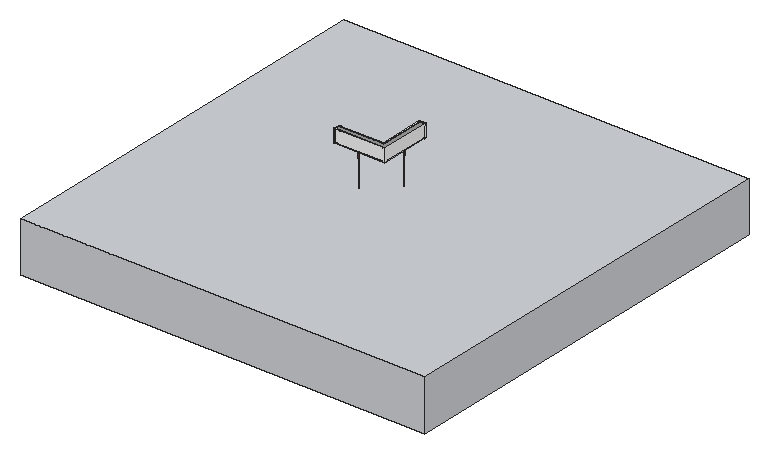
Revit family "LAMP_FIL 35 CORNER OPAL SURFACE HC", category Luminarias, Revit 2018
Family settings
  Anfitrión = Cara
  Cota de conector redondo = Diámetro de uso
  Tipo de pieza = Normal
  Corte con vacíos al cargar = No
  Origen de luz = Sí
  Compartido = No
  Punto de cálculo de habitación = No
Parameters (values of type "577LM 3000K  BLACK")
  Ángulo de inclinación = -90.00°
  Weight = 1.23 kg
  Wattage = 2.93 W
  Type = "MID POWER TRIDONIC"
  built-in parameter 1150107 = 3000 (stored number, unit not read)
  Second light = LAMP_FIL 35 CORNER OPAL SURFACE HC_SECOND : 3000K
  NOT COVER 2 [instance] = not(END COVER 2)  # no
  NOT COVER 1 [instance] = not(END COVER 1)  # no
  END COVER 2 [instance] = yes
  END COVER 1 [instance] = yes
  Suspension distance [instance] = if(Suspension > 4000 mm, 4000 mm, if(Suspension < 1 mm, 1 mm, Suspension))  # 200 mm
  Suspension [instance] = 200 mm
  built-in parameter 1150110 = 1 (stored number, unit not read)
  built-in parameter 1150109 = 1 (stored number, unit not read)
  built-in parameter 1150112 = 1 (stored number, unit not read)
  built-in parameter 1150113 = 1 (stored number, unit not read)
  built-in parameter 1114218 = 1 (stored number, unit not read)
  Protection rating = "IP20 / IK07"
  Product datasheet = "http://www.lamp.es/product-files/TECH/F31SFHCLOOP830NB-EN.pdf"
  Product code = "F31SFHCLOOP830NB"
  Product URL = "https://www.lamp.es/en/family/fil-35_413911"
  Power Supply = "220-240V 50/60Hz"
  Power = 5 W
  Plum = 6.1 W
  Photobiological risk = ""
  built-in parameter 1150137 = (empty or 0)
  built-in parameter 1150132 = 2
  Modelo = Product code  # "F31SFHCLOOP830NB"
  Model Explanation = ""
  Material suspension = LAMP_Acero genérico
  Material perfil = LAMP_Aluminio Perfil Fil NG
  Material difusor = LAMP_PC Difusor Opal Fil
  Manufacturer name = "LAMP"
  Manufacturer country = "Spain"
  Manufacturer URL = "http://www.lamp.es/en"
  MacAdam = "3"
  Last update = "17/05/2021"
  Lamp = "MID-POWER LED"
  LED Lifetime = "60.000 L80 B10"
  built-in parameter 1150105 = 119.95 (stored number, unit not read)
  built-in parameter 1150102 = (empty or 0)
  Insulation class = "I"
  Installation instructions = "https://www.lamp.es/product-files/INS/1004590-A%20INSTR.%20FIL35.pdf"
  built-in parameter 1150106 = 1.1995 (stored number, unit not read)
  IEE = "A+"
  Gear = "Electronic"
  Lumens = 303.548 lm
  Finish = "Matte black RAL 9011"
  Color Filter = 16777215
  built-in parameter 1114217 = 1 (stored number, unit not read)
  built-in parameter 1150139 = (empty or 0)
  Fabricante = Manufacturer name  # "LAMP"
  Default Elevation = 1219.2 mm
  built-in parameter 1150104 = 9.6248 (stored number, unit not read)
  Efficacy = 94.6 lm/W
  Dimensions = "303x303x35"
  Descripción = "FIL35 HORIZ. CORNER SUR 800 WW OPAL BK."
  built-in parameter 1150115 = 1 (stored number, unit not read)
  built-in parameter 1150114 = 1 (stored number, unit not read)
  built-in parameter 1150138 = (empty or 0)
  built-in parameter 1150134 = 3
  Dimming Lamp Color Temperature Shift = (empty or 0)
  CRI = "80"
  Archivo de red fotométrica = "F31SF084LOOP830NB.IES"
  built-in parameter 1150133 = 10 (stored number, unit not read)
Types (12, lengths in mm): name | built-in parameter 1150107 | Second light | Product datasheet | Product code | Modelo | Material perfil | Finish | Descripción | Archivo de red fotométrica
  577LM 3000K DALI BLACK | 3000 (stored number, unit not read) | LAMP_FIL 35 CORNER OPAL SURFACE HC_SECOND : 3000K | "http://www.lamp.es/product-files/TECH/F31SFHCLOOP830DB-EN.pdf" | "F31SFHCLOOP830DB" | "F31SFHCLOOP830DB" | LAMP_Aluminio Perfil Fil NG | "Matte black RAL 9011" | "FIL35 HORIZ. CORNER SUR 800 WW OPAL DA B" | "F31SF084LOOP830NB.IES"
  577LM 3000K DALI GREY | 3000 (stored number, unit not read) | LAMP_FIL 35 CORNER OPAL SURFACE HC_SECOND : 3000K | "http://www.lamp.es/product-files/TECH/F31SFHCLOOP830DG-EN.pdf" | "F31SFHCLOOP830DG" | "F31SFHCLOOP830DG" | LAMP_Aluminio Perfil Fil GR | "Gloss grey" | "FIL35 HORIZ. CORNER SUR 800 WW OPAL DA G" | "F31SF084LOOP830NB.IES"
  577LM 3000K DALI WHITE | 3000 (stored number, unit not read) | LAMP_FIL 35 CORNER OPAL SURFACE HC_SECOND : 3000K | "http://www.lamp.es/product-files/TECH/F31SFHCLOOP830DW-EN.pdf" | "F31SFHCLOOP830DW" | "F31SFHCLOOP830DW" | LAMP_Aluminio Perfil Fil BL | "Matte white RAL 9010" | "FIL35 HORIZ. CORNER SUR 800 WW OPAL DA W" | "F31SF084LOOP830NB.IES"
  577LM 3000K  BLACK | 3000 (stored number, unit not read) | LAMP_FIL 35 CORNER OPAL SURFACE HC_SECOND : 3000K | "http://www.lamp.es/product-files/TECH/F31SFHCLOOP830NB-EN.pdf" | "F31SFHCLOOP830NB" | "F31SFHCLOOP830NB" | LAMP_Aluminio Perfil Fil NG | "Matte black RAL 9011" | "FIL35 HORIZ. CORNER SUR 800 WW OPAL BK." | "F31SF084LOOP830NB.IES"
  577LM 3000K  GREY | 3000 (stored number, unit not read) | LAMP_FIL 35 CORNER OPAL SURFACE HC_SECOND : 3000K | "http://www.lamp.es/product-files/TECH/F31SFHCLOOP830NG-EN.pdf" | "F31SFHCLOOP830NG" | "F31SFHCLOOP830NG" | LAMP_Aluminio Perfil Fil GR | "Gloss grey" | "FIL35 HORIZ. CORNER SUR 800 WW OPAL GR." | "F31SF084LOOP830NB.IES"
  577LM 3000K  WHITE | 3000 (stored number, unit not read) | LAMP_FIL 35 CORNER OPAL SURFACE HC_SECOND : 3000K | "http://www.lamp.es/product-files/TECH/F31SFHCLOOP830NW-EN.pdf" | "F31SFHCLOOP830NW" | "F31SFHCLOOP830NW" | LAMP_Aluminio Perfil Fil BL | "Matte white RAL 9010" | "FIL35 HORIZ. CORNER SUR 800 WW OPAL WH." | "F31SF084LOOP830NB.IES"
  577LM 4000K DALI BLACK | 4000 (stored number, unit not read) | LAMP_FIL 35 CORNER OPAL SURFACE HC_SECOND : 4000K | "http://www.lamp.es/product-files/TECH/F31SFHCLOOP840DB-EN.pdf" | "F31SFHCLOOP840DB" | "F31SFHCLOOP840DB" | LAMP_Aluminio Perfil Fil NG | "Matte black RAL 9011" | "FIL35 HORIZ. CORNER SUR 800 NW OPAL DA B" | "F31SF084LOOP840NB.IES"
  577LM 4000K DALI GREY | 4000 (stored number, unit not read) | LAMP_FIL 35 CORNER OPAL SURFACE HC_SECOND : 4000K | "http://www.lamp.es/product-files/TECH/F31SFHCLOOP840DG-EN.pdf" | "F31SFHCLOOP840DG" | "F31SFHCLOOP840DG" | LAMP_Aluminio Perfil Fil GR | "Gloss grey" | "FIL35 HORIZ. CORNER SUR 800 NW OPAL DA G" | "F31SF084LOOP840NB.IES"
  577LM 4000K DALI WHITE | 4000 (stored number, unit not read) | LAMP_FIL 35 CORNER OPAL SURFACE HC_SECOND : 4000K | "http://www.lamp.es/product-files/TECH/F31SFHCLOOP840DW-EN.pdf" | "F31SFHCLOOP840DW" | "F31SFHCLOOP840DW" | LAMP_Aluminio Perfil Fil BL | "Matte white RAL 9010" | "FIL35 HORIZ. CORNER SUR 800 NW OPAL DA W" | "F31SF084LOOP840NB.IES"
  577LM 4000K  BLACK | 4000 (stored number, unit not read) | LAMP_FIL 35 CORNER OPAL SURFACE HC_SECOND : 4000K | "http://www.lamp.es/product-files/TECH/F31SFHCLOOP840NB-EN.pdf" | "F31SFHCLOOP840NB" | "F31SFHCLOOP840NB" | LAMP_Aluminio Perfil Fil NG | "Matte black RAL 9011" | "FIL35 HORIZ. CORNER SUR 800 NW OPAL BK." | "F31SF084LOOP840NB.IES"
  577LM 4000K  GREY | 4000 (stored number, unit not read) | LAMP_FIL 35 CORNER OPAL SURFACE HC_SECOND : 4000K | "http://www.lamp.es/product-files/TECH/F31SFHCLOOP840NG-EN.pdf" | "F31SFHCLOOP840NG" | "F31SFHCLOOP840NG" | LAMP_Aluminio Perfil Fil GR | "Gloss grey" | "FIL35 HORIZ. CORNER SUR 800 NW OPAL GR." | "F31SF084LOOP840NB.IES"
  577LM 4000K  WHITE | 4000 (stored number, unit not read) | LAMP_FIL 35 CORNER OPAL SURFACE HC_SECOND : 4000K | "http://www.lamp.es/product-files/TECH/F31SFHCLOOP840NW-EN.pdf" | "F31SFHCLOOP840NW" | "F31SFHCLOOP840NW" | LAMP_Aluminio Perfil Fil BL | "Matte white RAL 9010" | "FIL35 HORIZ. CORNER SUR 800 NW OPAL WH." | "F31SF084LOOP840NB.IES"
Reference planes
  plane 1 "Centro (Frontal/Posterior)": y = 0
  plane 2: z = 0
  plane 3 "Centro (Izquierda/Derecha)": x = 0
Forms (mm)
  Extrusion 1, solid
    sketch origin (0, 0, 0) x (1, 0, 0) y (0, 1, 0)
      loop
        line (-1219.2, 1219.2) -> (-1219.2, -1219.2) -> (1219.2, -1219.2) -> (1219.2, 1219.2) -> (-1219.2, 1219.2)
    from 0 to -304.8
  Extrusion 2, solid, material "LAMP_Acero genérico" <- "Material suspension"
    sketch origin (-540.625, 0, 0) x (0, -1, 0) y (0, 0, 1)
      loop
        line (-12.5, 201) -> (-15.291, 208.272) -> (-13.251, 209.7) -> (-14.251, 209.7) -> (-16.291, 208.272) -> (-13.116, 200) -> (0, 200) -> (13.116, 200) -> (16.291, 208.272) -> (14.251, 209.7) -> (13.251, 209.7) -> (15.291, 208.272) -> (12.5, 201) -> (0, 201) -> (-12.5, 201)
    from -400 to -378
  Extrusion 3, solid, material "LAMP_Acero genérico" <- "Material suspension"
    sketch origin (0, 516.625, 0) x (1, 0, 0) y (0, 1, 0)
      loop
        circle (0, -365) r 5
    from 163.2 to 200
  Extrusion 4, solid, material "LAMP_Acero genérico" <- "Material suspension"
    sketch origin (-151.625, -365, 0) x (1, 0, 0) y (0, 1, 0)
      loop
        circle (0, 365) r 5
    from 163.2 to 200
  Extrusion 5, solid, material "LAMP_Acero genérico" <- "Material suspension"
    sketch origin (0, 540.625, 0) x (1, 0, 0) y (0, 1, 0)
      loop
        circle (0, -389) r 1
    from 0 to 163.2
  Extrusion 6, solid, material "LAMP_Acero genérico" <- "Material suspension"
    sketch origin (-151.625, -389, 0) x (1, 0, 0) y (0, 1, 0)
      loop
        circle (0, 389) r 1
    from 0 to 163.2
  Extrusion 7, solid, material "LAMP_Acero genérico" <- "Material suspension"
    sketch origin (0, 540.625, 0) x (1, 0, 0) y (0, 0, -1)
      loop
        line (-12.5, -201) -> (0, -201) -> (12.5, -201) -> (15.291, -208.272) -> (13.251, -209.7) -> (14.251, -209.7) -> (16.291, -208.272) -> (13.116, -200) -> (0, -200) -> (-13.116, -200) -> (-16.291, -208.272) -> (-14.251, -209.7) -> (-13.251, -209.7) -> (-15.291, -208.272) -> (-12.5, -201)
    from -400 to -378
  Sweep 8, solid, material "LAMP_PC Difusor Opal Fil" <- "Material difusor"
    path origin (-803.25, 0, 0) x (1, 0, 0) y (0, 1, 0)
      loop
        line (517.75, 0) -> (803.25, 0) -> (803.25, 285.5)
    profile origin (-142.75, 0, 0) x (0, 1, 0) y (0, 0, 1)
      loop
        line (-15.75, 284.2) -> (0, 284.2) -> (15.75, 284.2) -> (15.75, 286.7) -> (0, 286.7) -> (-15.75, 286.7) -> (-15.75, 284.2)
  Sweep 9, solid, material "LAMP_Aluminio Perfil Fil NG" <- "Material perfil"
    path origin (0, 0, 0) x (1, 0, 0) y (0, 1, 0)
      loop
        line (-285.5, 0) -> (0, 0) -> (0, 285.5)
    profile origin (-142.75, 0, 0) x (0, 1, 0) y (0, 0, 1)
      loop
        arc (17.75, 285.7) -> (16.75, 286.7) -> (15.75, 285.7) r 1
        line (15.75, 285.7) -> (15.75, 284.2) -> (13.95, 284.2) -> (13.95, 259) -> (0, 259) -> (-13.95, 259) -> (-13.95, 284.2) -> (-15.75, 284.2) -> (-15.75, 285.7)
        arc (-15.75, 285.7) -> (-16.75, 286.7) -> (-17.75, 285.7) r 1
        line (-17.75, 285.7) -> (-17.75, 206.5) -> (-16.75, 206.5) -> (-16.75, 209.7) -> (-12.5, 209.7) -> (-12.5, 207.7) -> (-14.8, 207.7) -> (-13.6, 206.5) -> (-11, 206.5) -> (-11, 214.5) -> (0, 214.5) -> (11, 214.5) -> (11, 206.5) -> (13.6, 206.5) -> (14.8, 207.7) -> (12.5, 207.7) -> (12.5, 209.7) -> (16.75, 209.7) -> (16.75, 206.5) -> (17.75, 206.5) -> (17.75, 285.7)
  Sweep 10, solid, material "LAMP_PC Difusor Opal Fil" <- "Material difusor"
    path origin (0, 0, 0) x (1, 0, 0) y (0, 1, 0)
      loop
        line (-285.5, 0) -> (0, 0) -> (0, 285.5)
    profile origin (-142.75, 0, 0) x (0, 1, 0) y (0, 0, 1)
      loop
        line (-11, 214.5) -> (-11, 206.5) -> (-7.529, 206.5) -> (11, 206.5) -> (11, 214.5) -> (10, 214.5) -> (10, 207.5) -> (-10, 207.5) -> (-10, 214.5) -> (-11, 214.5)
Lines and regions (mm)
  reference lines
    curve 1: line (0, -445.47, 200) -> (0, 544.53, 200)
Text (mm)
  text "Any modification of the parameters and properties of the LAMP BIM models must be executed and validated by the LAMP technical department.\nPhone: +34 93 736 68 00\nE-mail: lamp@lamp.es\n\nLAMP reserves the right to modify the technical specifications of its products." at (3279.264, 5298.162, -2684.539), in view "Preview"
Dimensions and locks
  "Suspension distance": level to curve 1
  locked: Extrusion 3 to Extrusion 3 at 36.8
  locked: Extrusion 4 to Extrusion 4 at 36.8
  aligned and locked: plane 2 to Extrusion 1
  aligned and locked: level to Extrusion 1
  aligned and locked: curve 1 to Extrusion 7
  aligned and locked: curve 1 to Extrusion 2
  aligned and locked: Extrusion 3 to curve 1
  aligned and locked: Extrusion 4 to curve 1
  aligned and locked: Extrusion 5 to Extrusion 3
  aligned and locked: Extrusion 6 to Extrusion 4
  aligned and locked: Sweep 9 to Extrusion 2
  aligned and locked: Sweep 8 to Sweep 9
  aligned and locked: Sweep 10 to Sweep 9
  aligned and locked: imposter light to Sweep 8
  aligned and locked: imposter light to nested 1
  aligned and locked: imposter light to nested 2
  aligned and locked: imposter light to nested 3
Automatic sketch dimensions
  Extrusion 1 sketch curve to Extrusion 1 sketch curve = 2438.4 mm  (x2)
  Extrusion 3 sketch curve to plane 3 "Centro (Izquierda/Derecha)" = 0 mm
  Extrusion 3 sketch curve to plane 1 "Centro (Frontal/Posterior)" = 151.625 mm
  plane 3 "Centro (Izquierda/Derecha)" to Extrusion 4 sketch curve = 151.625 mm
  Extrusion 4 sketch curve to plane 1 "Centro (Frontal/Posterior)" = 0 mm
  Extrusion 5 sketch curve to plane 3 "Centro (Izquierda/Derecha)" = 0 mm
  Extrusion 5 sketch curve to plane 1 "Centro (Frontal/Posterior)" = 151.625 mm
  plane 3 "Centro (Izquierda/Derecha)" to Extrusion 6 sketch curve = 151.625 mm
  Extrusion 6 sketch curve to plane 1 "Centro (Frontal/Posterior)" = 0 mm
  Extrusion 7 sketch curve to plane 3 "Centro (Izquierda/Derecha)" = 0 mm  (x2)
  Extrusion 7 sketch curve to Extrusion 7 sketch curve = 12.5 mm
  Extrusion 7 sketch curve to Extrusion 7 sketch curve = 0.616 mm  (x2)
  Extrusion 7 sketch curve to Extrusion 7 sketch curve = 0.751 mm  (x2)
  Extrusion 7 sketch curve to Extrusion 7 sketch curve = 1 mm  (x5)
  Extrusion 7 sketch curve to Extrusion 7 sketch curve = 1.04 mm  (x2)
  plane 3 "Centro (Izquierda/Derecha)" to Extrusion 7 sketch curve = 12.5 mm
  level to Extrusion 7 sketch curve = 209.7 mm
  Extrusion 7 sketch curve to Extrusion 7 sketch curve = 0 mm  (x3)
  Extrusion 7 sketch curve to Extrusion 7 sketch curve = 1.428 mm  (x2)
  Extrusion 7 sketch curve to Extrusion 7 sketch curve = 7.272 mm
  plane 1 "Centro (Frontal/Posterior)" to Sweep 8 sketch curve = 0 mm
  Sweep 8 sketch curve to plane 3 "Centro (Izquierda/Derecha)" = 285.5 mm
  Sweep 8 sketch curve to Sweep 8 sketch curve = 285.5 mm  (x2)
  profile plane to Sweep 8 sketch curve = 15.75 mm
  Sweep 8 sketch curve to profile plane = 0 mm
  Sweep 8 sketch curve to Sweep 8 sketch curve = 0 mm
  Sweep 8 sketch curve to Sweep 8 sketch curve = 15.75 mm
  level to Sweep 8 sketch curve = 284.2 mm
  Sweep 8 sketch curve to Sweep 8 sketch curve = 2.5 mm
  Extrusion 2 sketch curve to plane 1 "Centro (Frontal/Posterior)" = 16.291 mm
  Extrusion 2 sketch curve to Extrusion 2 sketch curve = 1 mm  (x5)
  Extrusion 2 sketch curve to Extrusion 2 sketch curve = 1.04 mm  (x2)
  level to Extrusion 2 sketch curve = 200 mm
  Extrusion 2 sketch curve to Extrusion 2 sketch curve = 2.175 mm
  Extrusion 2 sketch curve to Extrusion 2 sketch curve = 0.616 mm  (x2)
  Extrusion 2 sketch curve to Extrusion 2 sketch curve = 12.5 mm  (x2)
  Extrusion 2 sketch curve to Extrusion 2 sketch curve = 0 mm  (x3)
  Extrusion 2 sketch curve to Extrusion 2 sketch curve = 0.751 mm
  Extrusion 2 sketch curve to Extrusion 2 sketch curve = 7.272 mm  (x2)
  Extrusion 2 sketch curve to Extrusion 2 sketch curve = 1.428 mm  (x2)
  plane 1 "Centro (Frontal/Posterior)" to Sweep 9 sketch curve = 0 mm
  Sweep 9 sketch curve to plane 3 "Centro (Izquierda/Derecha)" = 0 mm
  Sweep 9 sketch curve to Sweep 9 sketch curve = 285.5 mm  (x2)
  Sweep 9 sketch curve to profile plane = 0 mm  (x2)
  profile plane to Sweep 9 sketch curve = 11 mm
  Sweep 9 sketch curve to Sweep 9 sketch curve = 1.5 mm  (x4)
  Sweep 9 sketch curve to Sweep 9 sketch curve = 1.1 mm  (x2)
  profile plane to Sweep 9 sketch curve = 13.95 mm
  Sweep 9 sketch curve to Sweep 9 sketch curve = 1.2 mm  (x4)
  Sweep 9 sketch curve to Sweep 9 sketch curve = 1.8 mm  (x2)
  Sweep 9 sketch curve to Sweep 9 sketch curve = 1 mm  (x3)
  Sweep 9 sketch curve to profile plane = 11 mm
  Sweep 9 sketch curve to profile plane = 13.95 mm
  Sweep 9 sketch curve to Sweep 9 sketch curve = 1.95 mm
  level to Sweep 9 sketch curve = 206.5 mm
  Sweep 9 sketch curve to Sweep 9 sketch curve = 0 mm  (x3)
  Sweep 9 sketch curve to Sweep 9 sketch curve = 2 mm  (x2)
  Sweep 9 sketch curve to Sweep 9 sketch curve = 4.8 mm
  Sweep 9 sketch curve to Sweep 9 sketch curve = 44.5 mm
  Sweep 9 sketch curve to Sweep 9 sketch curve = 25.2 mm  (x2)
  plane 1 "Centro (Frontal/Posterior)" to Sweep 10 sketch curve = 0 mm
  Sweep 10 sketch curve to plane 3 "Centro (Izquierda/Derecha)" = 0 mm
  Sweep 10 sketch curve to Sweep 10 sketch curve = 285.5 mm  (x2)
  profile plane to Sweep 10 sketch curve = 11 mm
  Sweep 10 sketch curve to Sweep 10 sketch curve = 1 mm  (x3)
  Sweep 10 sketch curve to Sweep 10 sketch curve = 2.471 mm
  Sweep 10 sketch curve to Sweep 10 sketch curve = 17.529 mm
  level to Sweep 10 sketch curve = 206.5 mm
  Sweep 10 sketch curve to Sweep 10 sketch curve = 7 mm  (x2)
  plane 1 "Centro (Frontal/Posterior)" to curve 1 = 445.47 mm
  curve 1 to plane 1 "Centro (Frontal/Posterior)" = 544.53 mm
  radius of Extrusion 3 sketch curve = 5 mm
  radius of Extrusion 4 sketch curve = 5 mm
  radius of Extrusion 5 sketch curve = 1 mm
  radius of Extrusion 6 sketch curve = 1 mm
Nested families
  nested 1: "LAMP_FIL 35 END COVER SURFACE" at (0, 286.9, 206.2), visible <- "END COVER 2", type "Blanco"
  nested 2: "LAMP_FIL 35 END COVER SURFACE" at (-286.9, -0.05, 206.2) x (0, 1, 0) z (0, 0, 1), visible <- "END COVER 1", type "Blanco"
  nested 3: "LAMP_FIL 35 CORNER OPAL SURFACE HC_SECOND" at (-134.875, -0.014, -1213.3), type "3000K"
Connectors
  electrical at (-151.625, 0, 200)
    settings: on Extrusion 4, index 1, voltage 230 V, apparent load 0 VA, apparent load phase1 0 VA, apparent load phase2 0 VA, apparent load phase3 0 VA, power factor 1, load classification "Otro", number of poles 1, system type 31, power factor state 1, is connector primary yes, connector utility no, sub classification motor no, connector description ""
Definition of nested family "LAMP_FIL 35 END COVER SURFACE"
  Parameters (values of type "Blanco")
    Material tapa = none
  Reference planes
    plane 1 "Centro (Frontal/Posterior)": y = 0
    plane 2: z = 0
    plane 3 "Centro (Izquierda/Derecha)": x = 0
  Forms (mm)
    Extrusion 1, solid, material <- "Material tapa"
      sketch origin (0, 0, 0) x (0, -1, 0) y (0, 0, 1)
        loop
          line (0, 0) -> (1.4, 0) -> (1.4, 80.5) -> (-1.4, 80.5) -> (-1.4, 0) -> (0, 0)
      from -17.8 to 17.8
  Dimensions and locks
    aligned and locked: level to plane 2
Definition of nested family "LAMP_FIL 35 CORNER OPAL SURFACE HC_SECOND"
  Parameters (values of type "3000K")
    Tilt Angle = -90.00°
    Wattage = 2.93 W
    built-in parameter 1150110 = 1 (stored number, unit not read)
    built-in parameter 1114217 = 1 (stored number, unit not read)
    built-in parameter 1150109 = 1 (stored number, unit not read)
    built-in parameter 1150134 = (empty or 0)
    built-in parameter 1150113 = 1 (stored number, unit not read)
    Lumens = 303.665 lm
    built-in parameter 1150115 = 1 (stored number, unit not read)
    built-in parameter 1150105 = 24.165 (stored number, unit not read)
    built-in parameter 1150137 = (empty or 0)
    built-in parameter 1150139 = (empty or 0)
    built-in parameter 1150112 = 1 (stored number, unit not read)
    built-in parameter 1150114 = 1 (stored number, unit not read)
    built-in parameter 1150132 = 2
    built-in parameter 1150102 = (empty or 0)
    built-in parameter 1150138 = (empty or 0)
    built-in parameter 1150107 = 3000 (stored number, unit not read)
    built-in parameter 1150106 = 0.24165 (stored number, unit not read)
    built-in parameter 1150104 = 9.6285 (stored number, unit not read)
    Dimming Lamp Color Temperature Shift = (empty or 0)
    Color Filter = 16777215
    built-in parameter 1114218 = 1 (stored number, unit not read)
    Photometric Web File = "F31SF084LOOP830NB.IES"
    built-in parameter 1150133 = 10 (stored number, unit not read)
  Types (3, lengths in mm): name | built-in parameter 1150105 | built-in parameter 1150106 | Photometric Web File
    (no name) | 24.165 (stored number, unit not read) | 0.24165 (stored number, unit not read) | "F31SF084LOOP830NB.IES"
    3000K | 24.165 (stored number, unit not read) | 0.24165 (stored number, unit not read) | "F31SF084LOOP830NB.IES"
    4000K | 119.99 (stored number, unit not read) | 1.1999 (stored number, unit not read) | "F31SF084LOOP840NB.IES"
  Reference planes
    plane 1 "Eje de origen de luz (F/P)": y = 0
    plane 2: z = 0
    plane 3 "Eje de origen de luz (I/D)": x = 0
    plane 4 "Elevación de origen de luz": z = 1500
  Dimensions and locks
    aligned and locked: plane 3 "Eje de origen de luz (I/D)" to imposter light
    aligned and locked: plane 1 "Eje de origen de luz (F/P)" to imposter light
    aligned and locked: plane 4 "Elevación de origen de luz" to imposter light
    aligned and locked: level to plane 2
